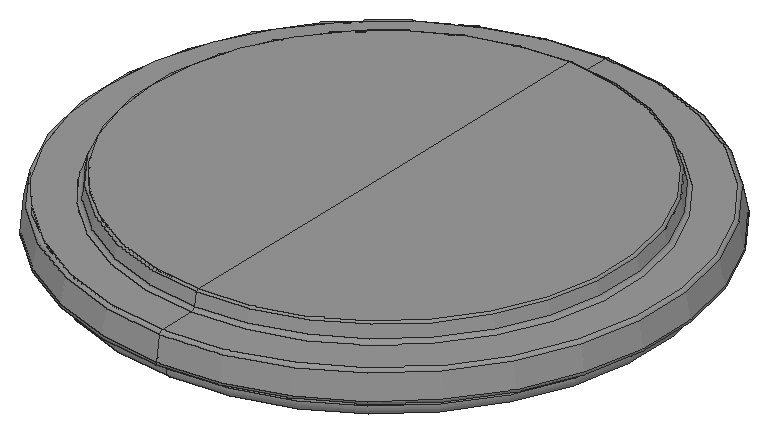
Revit family "FMK13_63_UN_Surface-mounted_ETK", category Lighting Fixtures, Revit 2017 (continued)
Definition of nested family "FMK.1 - Lightsource"
  Types (13, lengths in mm): name | Wattage Comments | Photometric Web File | built-in parameter 1150142 | Apparent Load
    FMK.1209.10N - Ø300x40 / 18W | "18W" | "FMK.1209.10n.ies" | "IESNA:LM-63-2002\r\n[TEST] /2014\r\n[TESTLAB] ies2eulumdat.appspot.com\r\n[ISSUEDATE] 2021-06-16T09:02:18.810\r\n[MANUFAC] www.etk.nl\r\n[LUMCAT] FMK.1209.10\r\n[LUMINAIRE] FMK.1 LED 18W 3000/4000/5700K ø300 niet dimbaar\r\n[LAMPCAT] LED\r\n[LAMP] LED\r\nTILT=NONE\r\n1\t1710\t1\t46\t180\t1\t2\t-0.300\t-0.300\t0\r\n1.0\t1.0\t18.30\r\n0\t 2\t 4\t 6\t 8\t 10\t 12\t 14\t 16\t 18\r\n20\t 22\t 24\t 26\t 28\t 30\t 32\t 34\t 36\t 38\r\n40\t 42\t 44\t 46\t 48\t 50\t 52\t 54\t 56\t 58\r\n60\t 62\t 64\t 66\t 68\t 70\t 72\t 74\t 76\t 78\r\n80\t 82\t 84\t 86\t 88\t 90\r\n0\t 2\t 4\t 6\t 8\t 10\t 12\t 14\t 16\t 18\r\n20\t 22\t 24\t 26\t 28\t 30\t 32\t 34\t 36\t 38\r\n40\t 42\t 44\t 46\t 48\t 50\t 52\t 54\t 56\t 58\r\n60\t 62\t 64\t 66\t 68\t 70\t 72\t 74\t 76\t 78\r\n80\t 82\t 84\t 86\t 88\t 90\t 92\t 94\t 96\t 98\r\n100\t 102\t 104\t 106\t 108\t 110\t 112\t 114\t 116\t 118\r\n120\t 122\t 124\t 126\t 128\t 130\t 132\t 134\t 136\t 138\r\n140\t 142\t 144\t 146\t 148\t 150\t 152\t 154\t 156\t 158\r\n160\t 162\t 164\t 166\t 168\t 170\t 172\t 174\t 176\t 178\r\n180\t 182\t 184\t 186\t 188\t 190\t 192\t 194\t 196\t 198\r\n200\t 202\t 204\t 206\t 208\t 210\t 212\t 214\t 216\t 218\r\n220\t 222\t 224\t 226\t 228\t 230\t 232\t 234\t 236\t 238\r\n240\t 242\t 244\t 246\t 248\t 250\t 252\t 254\t 256\t 258\r\n260\t 262\t 264\t 266\t 268\t 270\t 272\t 274\t 276\t 278\r\n280\t 282\t 284\t 286\t 288\t 290\t 292\t 294\t 296\t 298\r\n300\t 302\t 304\t 306\t 308\t 310\t 312\t 314\t 316\t 318\r\n320\t 322\t 324\t 326\t 328\t 330\t 332\t 334\t 336\t 338\r\n340\t 342\t 344\t 346\t 348\t 350\t 352\t 354\t 356\t 358\r\n\r\n604.9325\t603.2919\t601.6514\t598.9367\t595.1481\t591.3474\t584.4074\t577.4673\t570.5271\t563.5989\r\n556.6589\t546.0716\t535.4844\t524.9091\t514.322\t503.7347\t489.8782\t476.0098\t462.1414\t448.2731\r\n434.4164\t417.5148\t400.6012\t383.6995\t366.7979\t349.8961\t330.7164\t311.5251\t292.3454\t273.1539\r\n253.9742\t234.7827\t215.6031\t196.4116\t177.2319\t158.0404\t0\t0\t0\t0\r\n0\t0\t0\t0\t0\t0\r\n604.9325\t603.303\t601.6736\t598.9672\t595.1776\t591.371\t584.4474\t577.518\t570.5942\t563.6772\r\n556.7804\t546.2089\t535.6382\t525.0562\t514.4711\t503.9096\t490.0793\t476.249\t462.4177\t448.5869\r\n434.7567\t417.8553\t400.9346\t384.014\t367.0954\t350.1887\t331.0138\t311.8383\t292.6629\t273.4839\r\n254.309\t235.1337\t215.9576\t196.7709\t177.5953\t158.8079\t0.4083\t0\t0\t0\r\n0\t0\t0\t0\t0\t0\r\n604.9325\t603.316\t601.6989\t599.0015\t595.1958\t591.3698\t584.4843\t577.5711\t570.6711\t563.7586\r\n556.8947\t546.3551\t535.7596\t525.1644\t514.5799\t504.0319\t490.2428\t476.4007\t462.5425\t448.6943\r\n434.9048\t418.0625\t401.1696\t384.2789\t367.3894\t350.5392\t331.4019\t312.225\t293.0468\t273.8823\r\n254.7052\t235.5402\t216.3663\t197.1991\t178.024\t160.3893\t1.6616\t0\t0\t0\r\n0\t0\t0\t0\t0\t0\r\n604.9325\t603.3306\t601.7275\t599.0433\t595.2312\t591.4156\t584.5657\t577.6625\t570.7544\t563.8431\r\n557.0019\t546.5201\t535.9272\t525.353\t514.7657\t504.264\t490.5226\t476.6557\t462.7667\t448.8924\r\n435.124\t418.3554\t401.4707\t384.5722\t367.6697\t350.8303\t331.7467\t312.5747\t293.4071\t274.2312\r\n255.0699\t235.9111\t216.7553\t197.6045\t178.4467\t162.6446\t3.8393\t0\t0\t0\r\n0\t0\t0\t0\t0\t0\r\n604.9325\t603.3467\t601.7784\t599.0852\t595.2744\t591.4839\t584.6789\t577.7818\t570.8609\t563.9373\r\n557.1543\t546.7354\t536.1372\t525.529\t514.8988\t504.4471\t490.789\t476.9063\t463.0292\t449.1418\r\n435.4474\t418.7539\t401.8361\t384.8952\t367.9622\t351.1523\t332.1531\t312.9933\t293.8363\t274.6741\r\n255.5041\t236.3482\t217.1967\t198.0491\t178.904\t165.4825\t7.0717\t0\t0\t0\r\n0\t0\t0\t0\t0\t0\r\n604.9325\t603.3646\t601.8109\t599.1301\t595.3254\t591.5822\t584.8149\t577.9154\t571.003\t564.0375\r\n557.2822\t546.9546\t536.3271\t525.6894\t515.0537\t504.6554\t491.1358\t477.2379\t463.3307\t449.4155\r\n435.7478\t419.1745\t402.2081\t385.2544\t368.2909\t351.5211\t332.6242\t313.4509\t294.2734\t275.1156\r\n255.9625\t236.8063\t217.6543\t198.5095\t179.3715\t168.6886\t11.5411\t0\t0\t0\r\n0\t0\t0\t0\t0\t0\r\n604.9325\t603.3841\t601.8434\t599.178\t595.3834\t591.6781\t584.976\t578.0752\t571.1133\t564.0963\r\n557.383\t547.1909\t536.5313\t525.8766\t515.2136\t504.8691\t491.4968\t477.5392\t463.5748\t449.6118\r\n435.9498\t419.5755\t402.6015\t385.6298\t368.6616\t351.9183\t333.1605\t313.9425\t294.7654\t275.5923\r\n256.4278\t237.2774\t218.1312\t198.9956\t179.8672\t172.0139\t17.4822\t0\t0\t0\r\n0\t0\t0\t0\t0\t0\r\n604.9325\t603.4053\t601.8759\t599.2285\t595.4497\t591.7812\t585.1731\t578.2085\t571.1927\t564.1664\r\n557.4629\t547.4497\t536.7769\t526.0887\t515.3685\t505.002\t491.8629\t477.8739\t463.8657\t449.8384\r\n436.2083\t420.1244\t403.1335\t386.0845\t369.0368\t352.2643\t333.7051\t314.4923\t295.2823\t276.0978\r\n256.9176\t237.7601\t218.6225\t199.4936\t180.379\t175.1597\t25.1927\t0\t0\t0\r\n0\t0\t0\t0\t0\t0\r\n604.9325\t603.4593\t601.9085\t599.2738\t595.5244\t591.9079\t585.3373\t578.316\t571.3136\t564.2514\r\n557.5412\t547.753\t537.0529\t526.317\t515.5469\t505.1567\t492.6884\t478.2212\t464.1752\t450.1642\r\n436.1336\t421.0943\t403.6156\t386.5209\t369.432\t352.3337\t334.5504\t315.0513\t295.836\t276.637\r\n257.4544\t238.29\t219.1493\t200.0199\t180.9108\t177.7292\t35.0259\t0\t0\t0\r\n0\t0\t0\t0\t0\t0\r\n604.9325\t603.4826\t601.941\t599.3319\t595.6075\t591.9952\t585.4602\t578.4838\t571.4702\t564.333\r\n557.6055\t548.1073\t537.3696\t526.5928\t515.7384\t504.8144\t493.0694\t478.6336\t464.5307\t450.3943\r\n436.2933\t421.64\t404.1436\t386.9492\t369.8193\t352.7072\t335.1677\t315.6771\t296.4365\t277.212\r\n258.007\t238.8258\t219.6743\t200.5397\t181.4425\t179.2574\t47.3991\t0\t0\t0\r\n0\t0\t0\t0\t0\t0\r\n604.9325\t603.5064\t601.9734\t599.3945\t595.7161\t592.0648\t585.6584\t578.7119\t571.6053\t564.412\r\n557.2136\t548.9435\t537.7363\t526.8513\t515.8959\t504.8997\t493.4258\t478.9823\t464.8596\t450.6873\r\n436.4267\t422.0138\t404.7199\t387.5204\t370.3217\t353.0976\t335.7436\t316.324\t297.0385\t277.7912\r\n258.567\t239.3682\t220.2087\t201.0815\t181.9832\t162.9148\t98.4026\t0\t0\t0\r\n0\t0\t0\t0\t0\t0\r\n604.9325\t603.5306\t602.0055\t599.4612\t595.8018\t592.0844\t585.9012\t578.9142\t571.7274\t564.5615\r\n557.281\t549.3317\t538.103\t527.1296\t516.0869\t504.9399\t493.7098\t479.4734\t465.2005\t450.9492\r\n436.7405\t422.5771\t405.4099\t388.0744\t370.7796\t353.4924\t336.2684\t316.9931\t297.6847\t278.4178\r\n259.1782\t239.9648\t220.7735\t201.6345\t182.5343\t163.481\t113.7595\t0\t0\t0\r\n0\t0\t0\t0\t0\t0\r\n604.9325\t603.5554\t602.0217\t599.532\t595.8866\t592.1561\t586.588\t579.0795\t571.9261\t564.708\r\n557.356\t549.6474\t538.4927\t527.425\t516.249\t505.0832\t494.0234\t479.9866\t465.7575\t451.3805\r\n437.0064\t422.8844\t406.0364\t388.6721\t371.3233\t353.9575\t336.8059\t317.7551\t298.3731\t279.0511\r\n259.7888\t240.5534\t221.3703\t202.2241\t183.1196\t164.0583\t128.3143\t0\t0\t0\r\n0\t0\t0\t0\t0\t0\r\n604.9325\t603.5809\t602.0558\t599.618\t595.9723\t592.2358\t586.8402\t579.3172\t572.1843\t564.8477\r\n557.415\t549.9086\t538.9015\t527.7199\t516.5471\t505.2607\t494.2777\t480.6872\t466.1976\t451.7399\r\n437.252\t422.7612\t407.2466\t389.4272\t371.966\t354.4582\t337.2243\t318.5243\t299.1108\t279.742\r\n260.4244\t241.1781\t221.9657\t202.8103\t183.7099\t164.6491\t141.3505\t0\t0\t0\r\n0\t0\t0\t0\t0\t0\r\n604.9325\t603.6071\t602.0912\t599.6912\t596.0451\t591.9798\t587.0148\t579.6483\t572.4109\t565.0026\r\n557.4889\t550.099\t539.3311\t528.166\t516.8776\t505.53\t494.0643\t481.5955\t466.7489\t452.2129\r\n437.6254\t423.0444\t408.0517\t390.1803\t372.5893\t355.0126\t337.4403\t319.5246\t299.8803\t280.4737\r\n261.1232\t241.8179\t222.5739\t203.4066\t184.3006\t165.2486\t152.0665\t0\t0\t0\r\n0\t0\t0\t0\t0\t0\r\n604.9325\t603.6338\t602.1279\t599.7642\t596.2915\t592.06\t587.2479\t579.9651\t572.6275\t565.1743\r\n557.5912\t550.1482\t539.9086\t528.6542\t517.2707\t505.7657\t494.0884\t482.1911\t467.4123\t452.7044\r\n438.0073\t423.2908\t408.632\t391.0308\t373.3713\t355.5458\t337.8389\t320.2515\t300.7003\t281.2121\r\n261.8325\t242.4922\t223.2123\t204.0069\t184.8961\t165.8551\t159.6039\t13.1538\t0\t0\r\n0\t0\t0\t0\t0\t0\r\n604.9325\t603.6611\t602.1659\t599.8376\t596.4054\t592.1391\t587.4977\t580.2805\t572.8868\t565.3787\r\n557.6678\t549.7361\t540.9527\t529.1771\t517.6731\t506.0008\t494.2758\t482.6381\t468.0299\t453.2316\r\n438.4194\t423.5879\t409.1603\t391.9077\t373.8445\t355.9972\t338.2732\t320.7969\t301.5855\t282.0214\r\n262.5566\t243.1786\t223.8823\t204.6641\t185.522\t166.4516\t162.8905\t31.8043\t0\t0\r\n0\t0\t0\t0\t0\t0\r\n604.9325\t603.6892\t602.2049\t599.908\t596.5241\t592.1992\t587.8004\t580.5758\t573.1764\t565.6227\r\n557.7326\t549.8042\t541.4288\t529.7323\t518.1144\t506.3438\t494.4987\t482.7908\t468.7329\t453.8508\r\n438.9175\t423.9507\t408.6493\t392.7359\t374.5174\t356.6496\t338.8317\t321.0335\t302.7194\t282.8805\r\n263.3626\t243.9028\t224.5481\t205.3141\t186.1662\t167.0952\t148.1118\t88.6377\t0\t0\r\n0\t0\t0\t0\t0\t0\r\n604.9325\t603.7179\t602.2449\t599.981\t596.652\t592.2995\t588.0109\t580.9296\t573.5102\t565.8506\r\n557.9219\t549.8881\t541.7121\t530.3743\t518.611\t506.7558\t494.6717\t482.47\t469.828\t454.5537\r\n439.4245\t424.0109\t408.6349\t393.3735\t375.3775\t357.3866\t339.435\t321.5173\t303.5607\t283.7689\r\n264.1651\t244.6733\t225.2874\t205.9828\t186.7886\t167.711\t148.7442\t112.1139\t0\t0\r\n0\t0\t0\t0\t0\t0\r\n604.9325\t603.7473\t602.2856\t600.0568\t596.7719\t592.4179\t588.1719\t581.3183\t573.9078\t566.0743\r\n558.1389\t549.9635\t541.9262\t531.0335\t519.2162\t507.1698\t494.9265\t482.6333\t470.329\t455.2483\r\n439.8147\t424.3822\t408.9232\t393.7403\t376.3501\t358.2294\t340.1252\t322.0395\t304.2025\t284.7408\r\n265.0668\t245.4539\t225.9736\t206.6463\t187.4435\t168.3603\t149.3849\t130.4101\t0\t0\r\n0\t0\t0\t0\t0\t0\r\n604.9325\t603.7776\t602.3343\t600.133\t596.8924\t592.5514\t588.2573\t582.1028\t574.2915\t566.3966\r\n558.3966\t550.0391\t541.4961\t532.1224\t519.854\t507.633\t495.3114\t482.8481\t470.4815\t456.3368\r\n440.5157\t424.9232\t409.2495\t393.6295\t377.6559\t359.1366\t340.8577\t322.656\t304.5206\t285.931\r\n265.9183\t246.2694\t226.7385\t207.3469\t188.0877\t168.9899\t150.0335\t142.1012\t0.9237\t0\r\n0\t0\t0\t0\t0\t0\r\n604.9325\t603.8087\t602.2411\t600.2093\t597.0138\t592.7089\t587.9814\t582.506\t574.6544\t566.7889\r\n558.6686\t550.1973\t541.4544\t532.5851\t520.5561\t508.2392\t495.7924\t483.0495\t470.1335\t457.1163\r\n441.3228\t425.5219\t409.7509\t393.9106\t378.232\t360.1469\t341.7391\t323.3504\t304.9773\t286.7673\r\n266.8982\t247.1147\t227.4881\t208.0586\t188.7792\t169.6606\t150.6879\t131.866\t21.4679\t0\r\n0\t0\t0\t0\t0\t0\r\n604.9325\t603.8407\t602.2844\t600.2854\t597.1426\t592.8591\t588.0729\t582.907\t575.0998\t567.2089\r\n558.9621\t550.3823\t541.4848\t532.7997\t521.7716\t508.9483\t496.2748\t483.3245\t470.3834\t457.4768\r\n442.2022\t426.336\t410.3521\t394.239\t378.1528\t361.5855\t342.6871\t324.0744\t305.6064\t287.3619\r\n267.8645\t248.0216\t228.3498\t208.8257\t189.4682\t170.3025\t151.3323\t132.5387\t80.029\t0\r\n0\t0\t0\t0\t0\t0\r\n604.9325\t603.8733\t602.3299\t600.3607\t597.2661\t593.1545\t588.1843\t583.2018\t575.6055\t567.6783\r\n559.3106\t550.6007\t541.5686\t532.3163\t522.4808\t509.7479\t496.8485\t483.8597\t470.6669\t457.2136\r\n443.4699\t427.2526\t410.9944\t394.713\t378.4457\t362.2796\t343.7493\t325.0072\t306.2591\t287.6577\r\n269.0839\t249.009\t229.1809\t209.5733\t190.2093\t170.9954\t151.9889\t133.1871\t107.1195\t0\r\n0\t0\t0\t0\t0\t0\r\n604.9325\t603.907\t602.3776\t600.435\t597.3875\t593.3208\t588.3223\t583.4193\t576.5313\t568.1743\r\n559.709\t550.8685\t541.7588\t532.2517\t522.878\t510.5737\t497.5582\t484.484\t471.0737\t457.3263\r\n443.9663\t428.2466\t411.8005\t395.3788\t378.7305\t362.2173\t345.2416\t325.9593\t307.1037\t288.3016\r\n269.7515\t250.003\t230.1332\t210.3898\t190.9169\t171.6613\t152.6389\t133.8373\t123.7799\t0\r\n0\t0\t0\t0\t0\t0\r\n604.9325\t603.9123\t602.428\t600.501\t597.5056\t593.4861\t588.4837\t583.5425\t577.0344\t568.7101\r\n560.1512\t551.1686\t541.9813\t532.3519\t522.4772\t511.7762\t498.5257\t485.22\t471.4735\t457.7046\r\n443.7031\t429.415\t412.8677\t396.0261\t379.2618\t362.4764\t345.8916\t327.1753\t308.035\t288.9915\r\n270.1463\t251.2322\t231.0663\t211.2373\t191.6472\t172.3408\t153.2921\t134.4874\t115.9236\t9.2138\r\n0\t0\t0\t0\t0\t0\r\n604.9325\t603.9481\t602.4812\t600.5742\t597.6202\t593.653\t588.668\t583.3077\t577.4581\t569.2983\r\n560.6533\t551.5767\t542.2042\t532.5113\t522.3616\t512.2177\t499.5876\t486.0776\t472.1462\t458.1519\r\n443.8695\t429.876\t414.2071\t396.917\t379.9187\t362.8675\t345.8321\t328.6051\t309.1102\t289.916\r\n270.7523\t251.9617\t232.0644\t212.1103\t192.4343\t173.0323\t153.9173\t135.1018\t116.562\t65.7955\r\n0\t0\t0\t0\t0\t0\r\n604.9325\t603.9852\t602.5371\t600.6467\t597.73\t593.8172\t588.8736\t583.4583\t577.7772\t570.2819\r\n561.2111\t552.1325\t542.5577\t532.7343\t522.3727\t511.8663\t500.9199\t486.9213\t472.9747\t458.7217\r\n444.2496\t429.5691\t414.7964\t398.0122\t380.7816\t363.4509\t346.0825\t328.8111\t310.4213\t290.8883\r\n271.5384\t252.3269\t233.2419\t213.0364\t193.2161\t173.736\t154.5864\t135.7567\t117.2044\t96.1475\r\n0\t0\t0\t0\t0\t0\r\n604.9325\t604.0236\t602.596\t600.7186\t597.8194\t593.9774\t589.2292\t583.6201\t577.9865\t570.7992\r\n561.8256\t552.71\t543.0652\t533.0169\t522.502\t511.8678\t501.241\t488.4687\t473.9436\t459.4936\r\n444.832\t429.7247\t414.7044\t399.4139\t381.8032\t364.1979\t346.6042\t329.0336\t311.6354\t292.1036\r\n272.4601\t253.0354\t233.7628\t214.0337\t194.1035\t174.5269\t155.255\t136.3516\t117.8305\t109.9048\r\n0\t0\t0\t0\t0\t0\r\n604.9325\t604.0637\t602.658\t600.789\t597.9215\t594.1325\t589.4529\t583.8272\t577.7627\t571.1951\r\n562.8118\t553.2917\t543.6239\t533.3822\t522.7915\t511.9619\t500.5541\t489.0998\t475.0948\t460.4654\r\n445.4767\t430.3017\t414.8994\t399.3696\t383.2919\t365.1943\t347.3191\t329.4129\t311.6006\t293.6303\r\n273.6308\t253.85\t234.3543\t215.1938\t195.0532\t175.2777\t155.9455\t136.9913\t118.4168\t100.2246\r\n10.9351\t0\t0\t0\t0\t0\r\n604.9325\t604.1049\t602.7234\t600.8579\t598.021\t594.2782\t589.6773\t584.0732\t577.9255\t571.4711\r\n563.458\t554.0039\t544.2463\t533.8777\t523.2306\t512.1995\t500.5102\t488.6583\t476.4436\t461.6248\r\n446.3237\t431.0595\t415.3954\t399.5376\t383.6965\t366.7259\t348.2364\t330.1152\t311.8732\t293.8363\r\n275.1387\t254.8952\t235.1611\t215.6652\t196.0554\t176.1444\t156.6456\t137.594\t119.0254\t100.8532\r\n68.8785\t0\t0\t0\t0\t0\r\n604.9325\t604.3797\t602.795\t600.7955\t598.1176\t594.4184\t589.9421\t584.4807\t578.1293\t571.2717\r\n564.0225\t555.1365\t544.9684\t534.4889\t523.7521\t512.5133\t500.6805\t488.5879\t476.1182\t463.0735\r\n447.6366\t431.9684\t416.1152\t399.9456\t383.6989\t367.3767\t349.5599\t330.9731\t312.5046\t294.0321\r\n275.9095\t256.218\t236.1048\t216.3684\t197.0093\t177.0397\t157.4158\t138.2701\t119.6169\t101.4035\r\n91.2126\t0\t0\t0\t0\t0\r\n604.9325\t604.4205\t602.8672\t600.8728\t598.211\t594.5549\t590.1569\t584.7672\t578.3807\t571.4627\r\n564.3113\t555.8405\t545.7988\t535.2615\t524.3877\t512.92\t501.0143\t488.7096\t476.0305\t462.7583\r\n449.2912\t433.217\t417.0958\t400.713\t384.1708\t367.2088\t350.6545\t332.2272\t313.392\t294.5441\r\n275.8683\t257.4578\t237.4149\t217.2362\t197.4869\t178.1427\t158.2694\t138.9226\t120.2106\t101.9885\r\n84.2445\t0\t0\t0\t0\t0\r\n604.9325\t604.4609\t602.9426\t600.9571\t598.301\t594.685\t590.3595\t585.0141\t578.795\t571.7158\r\n564.1432\t556.2603\t546.8908\t536.205\t525.1774\t513.5407\t501.5676\t489.0287\t476.1442\t462.6532\r\n448.9921\t434.8922\t418.416\t401.8982\t384.7929\t367.6136\t350.3325\t333.3151\t314.6323\t295.4577\r\n276.336\t257.5068\t238.7779\t218.4036\t198.3424\t178.728\t159.174\t139.7342\t120.8004\t102.4847\r\n84.7775\t45.5539\t0\t0\t0\t0\r\n604.9325\t604.5006\t603.0216\t601.0606\t598.3865\t594.8079\t590.54\t585.2417\t579.0807\t572.1467\r\n564.4011\t556.1409\t547.4037\t537.4374\t526.1369\t514.3405\t502.2658\t489.5783\t476.4823\t462.9105\r\n448.8591\t434.6232\t420.0685\t403.4046\t385.7751\t368.4205\t350.8718\t333.1656\t315.607\t296.8929\r\n277.2305\t257.8752\t238.7581\t219.918\t199.4756\t179.4703\t160.1376\t140.5119\t121.4449\t103.0157\r\n85.2703\t74.215\t0\t0\t0\t0\r\n604.9325\t604.5394\t603.1042\t601.1584\t598.3492\t594.9234\t590.7019\t585.451\t579.3531\t572.4943\r\n564.7651\t556.3877\t547.3688\t538.0224\t527.3866\t515.3535\t503.115\t490.3931\t476.9994\t463.303\r\n449.0547\t434.4994\t419.6921\t404.5604\t387.5106\t369.5539\t351.7313\t333.6797\t315.5431\t297.2741\r\n278.797\t258.7661\t239.2377\t219.9717\t200.9556\t180.5254\t160.6648\t141.5044\t122.1648\t103.5896\r\n85.7592\t68.6221\t0\t0\t0\t0\r\n604.9325\t604.5773\t603.1902\t601.2632\t598.4516\t595.0092\t590.8464\t585.643\t579.6101\t572.8202\r\n565.325\t556.7647\t547.6995\t538.0024\t527.9437\t516.6478\t504.4938\t491.4266\t477.8344\t463.9221\r\n449.6332\t434.78\t419.7115\t403.8594\t387.7921\t371.4508\t353.0947\t334.6903\t316.1395\t297.631\r\n278.8793\t260.2808\t240.1353\t220.3427\t201.0312\t181.9801\t161.6499\t142.0644\t123.0333\t104.2161\r\n86.2409\t69.0879\t15.2173\t0\t0\t0\r\n604.9325\t604.6141\t603.2798\t601.3757\t598.5679\t594.9853\t590.9493\t585.8192\t579.8489\t573.1198\r\n565.7109\t557.3403\t548.3007\t538.393\t527.9435\t517.2634\t505.3927\t492.933\t478.9816\t464.8927\r\n450.474\t435.4187\t420.1142\t403.9636\t387.6809\t371.1777\t354.5307\t336.6039\t317.3934\t298.4472\r\n279.3102\t260.28\t241.3379\t221.3309\t201.4226\t182.0109\t163.0786\t142.9823\t123.7395\t104.974\r\n86.81\t69.5539\t58.969\t0\t0\t0\r\n604.9325\t604.6498\t603.6043\t601.4957\t598.6984\t595.1135\t590.9331\t585.9739\t580.0893\t573.3916\r\n566.0512\t557.7504\t548.7954\t539.0648\t528.4009\t517.3472\t505.5605\t493.6743\t480.4541\t466.4352\r\n451.5987\t436.4298\t420.8587\t404.6187\t388.0855\t371.2381\t354.0167\t336.6193\t319.1551\t299.9255\r\n280.4523\t260.8892\t241.3921\t222.136\t202.5984\t182.4131\t163.0718\t144.3638\t124.5764\t105.7842\r\n87.4272\t70.0349\t53.7077\t0\t0\t0\r\n604.9325\t604.6844\t603.6946\t601.6237\t598.8432\t595.2649\t591.0743\t585.9936\t580.2878\t573.6051\r\n566.3212\t558.1173\t549.2219\t539.5715\t529.1248\t518.0448\t506.0844\t493.7649\t480.7344\t467.3507\r\n453.0676\t438.029\t422.0569\t405.7673\t388.9954\t371.8917\t354.386\t336.673\t318.7419\t300.4149\r\n282.1798\t262.3184\t242.4052\t222.5131\t202.8279\t183.5184\t163.5632\t144.26
